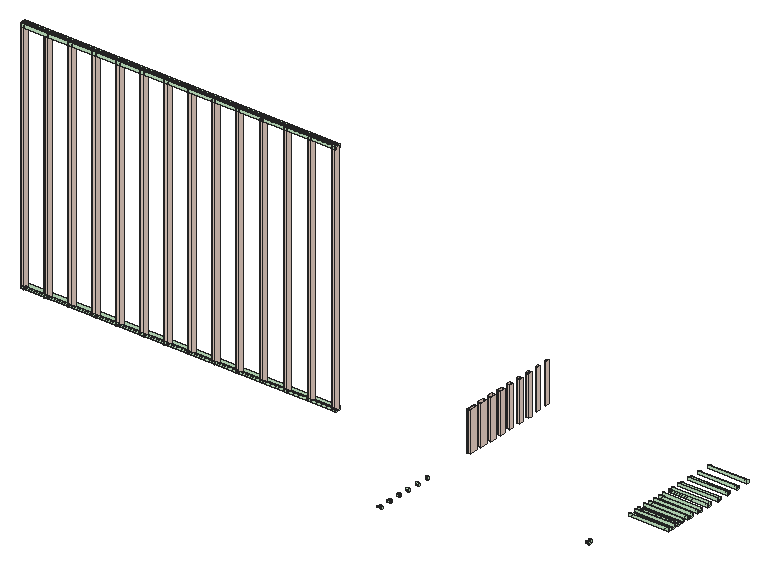
Revit family "SQ壁.", category 一般モデル, Revit 2022
Family settings
  鉄筋をホスト可能 = いいえ
  丸型コネクタ寸法 = 直径を使用
  パーツ タイプ = 標準
  作業面ベース = いいえ
  常に垂直 = はい
  ロード時にボイドで切り取り = いいえ
  注釈の向きを維持 = いいえ
  共有 = いいえ
  部屋計算ポイント = いいえ
Parameters
  製造元 = "株式会社桐井製作所"
  既定の高さ = 0 mm
  URL = "https://www.kirii.co.jp/"
  K_名称 = "SQ壁工法"
  K_バージョン情報 = "20250901"
Reference planes
  plane 1 "中心(正面/背面)": y = 0
  plane 2: z = 0
  plane 3 "中心(左/右)": x = 0
Lines and regions (mm)
  model lines
    curve 1: line (2053.885, 1766.972, 3.706) -> (3803.885, 1766.972, 3.706)
    curve 2: line (2053.885, 1766.972, 0) -> (2053.885, -17.677, 0)
    curve 3: line (3803.885, 1766.972, 0) -> (3803.885, -17.677, 0)
    curve 4: line (4103.885, 1766.972, 0) -> (4103.885, -17.677, 0)
    curve 5: line (4103.885, -17.677, 3.706) -> (5853.885, -17.677, 3.706)
    curve 6: line (5853.885, 1766.972, 0) -> (5853.885, -17.677, 0)
    curve 7: line (4103.885, 1766.972, 3.706) -> (5853.885, 1766.972, 3.706)
    curve 8: line (2053.885, -157.677, 3.706) -> (3803.885, -157.677, 3.706)
    curve 9: line (2053.885, -157.677, 0) -> (2053.885, -1437.677, 0)
    curve 10: line (2053.885, -1437.677, 3.706) -> (3803.885, -1437.677, 3.706)
    curve 11: line (3803.885, -157.677, 0) -> (3803.885, -1437.677, 0)
    curve 12: line (2053.885, -17.677, 3.706) -> (3803.885, -17.677, 3.706)
    curve 13: line (4103.885, -157.677, 3.706) -> (5853.885, -157.677, 3.706)
    curve 14: line (4103.885, -157.677, 0) -> (4103.885, -1437.677, 0)
    curve 15: line (4103.885, -1437.677, 3.706) -> (5853.885, -1437.677, 3.706)
    curve 16: line (5853.885, -157.677, 0) -> (5853.885, -1437.677, 0)
Text (mm)
  text "JIS19型" at (-1841.604, 2062.91, 5447.439), in view "ビュー 1"
  text "スタッド" at (2194.065, 1638.272, -53.41), in view "{3D}"
  text "・SQ-BAR4020(ふかし壁用)" at (2294.392, 1425.581, -53.41), in view "{3D}"
  text "・SQ-BAR4025(ふかし壁用)" at (2294.392, 1273.599, -53.41), in view "{3D}"
  text "・SQ-BAR4040" at (2294.392, 1123.599, -53.41), in view "{3D}"
  text "・SQ-BAR4045" at (2294.392, 975.581, -53.41), in view "{3D}"
  text "・SQ-BAR4050" at (2294.392, 823.599, -53.41), in view "{3D}"
  text "ランナー" at (4244.065, 1638.272, -53.41), in view "{3D}"
  text "・SQ-ランナー20" at (4344.392, 1425.581, -53.41), in view "{3D}"
  text "・SQ-ランナー25" at (4344.392, 1273.599, -53.41), in view "{3D}"
  text "・SQ-ランナー40" at (4344.392, 1123.599, -53.41), in view "{3D}"
  text "・SQ-ランナー45" at (4344.392, 975.581, -53.41), in view "{3D}"
  text "・SQ-ランナー50" at (4344.392, 823.599, -53.41), in view "{3D}"
  text "SQ壁工法" at (-2610.049, 1856.504, -53.41), in view "{3D}"
  text "・SQ-ランナー65" at (4344.392, 673.599, -53.41), in view "{3D}"
  text "・SQ-ランナー75" at (4344.392, 523.599, -53.41), in view "{3D}"
  text "・SQ-ランナー90" at (4344.392, 375.581, -53.41), in view "{3D}"
  text "・SQ-ランナー100" at (4344.392, 223.599, -53.41), in view "{3D}"
  text "SQスペーサー" at (2194.065, -286.377, -53.41), in view "{3D}"
  text "・SQスペーサーW10" at (2294.392, -499.068, -53.41), in view "{3D}"
  text "・SQスペーサーW15" at (2294.392, -651.05, -53.41), in view "{3D}"
  text "・SQスペーサーW20" at (2294.392, -801.05, -53.41), in view "{3D}"
  text "・SQスペーサーW25" at (2294.392, -949.068, -53.41), in view "{3D}"
  text "・SQスペーサーW30" at (2294.392, -1101.05, -53.41), in view "{3D}"
  text "・SQ-BAR4565" at (2294.392, 673.599, -53.41), in view "{3D}"
  text "・SQ-BAR4575" at (2294.392, 523.599, -53.41), in view "{3D}"
  text "・SQ-BAR4590" at (2294.392, 375.581, -53.41), in view "{3D}"
  text "・SQ-BAR45100" at (2294.392, 223.599, -53.41), in view "{3D}"
  text "・SQスペーサーW35" at (2294.392, -1241.05, -53.41), in view "{3D}"
  text "その他SQ関連部材" at (4244.065, -286.377, -53.41), in view "{3D}"
  text "・新SQアジャスター" at (4344.392, -499.068, -53.41), in view "{3D}"
  text "※耐火遮音間仕切り(千鳥組)に使用" at (3097.151, -1348.381, -53.41), in view "{3D}"
  text "※ふかし壁に使用" at (5473.68, -1348.381, -53.41), in view "{3D}"
Dimensions and locks
  aligned and locked: level to plane 2
Nested families
  nested 1: "runner_wr50" at (5032.945, 782.338, 0), type "runner_wr50"
    with K_長さ(mm) 500 mm, K_JIS外 no, K_JIS yes
  nested 2: "runner_wr65" at (5032.945, 632.338, 0), type "runner_wr65"
    with K_長さ(mm) 500 mm, K_JIS外 no, K_JIS yes
  nested 3: "runner_wr75" at (5032.945, 482.338, 0), type "runner_wr75"
    with K_長さ(mm) 500 mm, K_JIS外 no, K_JIS yes
  nested 4: "runner_wr90" at (5032.945, 327.688, 0), type "runner_wr90"
    with K_長さ(mm) 500 mm
  nested 5: "runner_wr100" at (5032.945, 182.688, 0), type "runner_wr100"
    with K_長さ(mm) 500 mm, K_JIS外 no, K_JIS yes
  nested 6: "sqrunner_20" at (5032.945, 1386.972, 0), type "sqrunner_20"
    with K_長さ(mm) 500 mm
  nested 7: "sq4020.0001" at (2989.01, 1379.472, 0), type "sq4020.0001"
    with K_長さ(mm) 500 mm
  nested 8: "sqrunner_25" at (5032.945, 1231.972, 0), type "sqrunner_25"
    with K_長さ(mm) 500 mm
  nested 9: "sq4025" at (2991.541, 1236.902, 0), type "sq4025"
    with K_長さ(mm) 500 mm
  nested 10: "sqrunner_40" at (5032.945, 1086.972, 0), type "sqrunner_40"
    with K_長さ(mm) 500 mm
  nested 11: "sq4040" at (2999.01, 1083.691, 0), type "sq4040"
    with K_長さ(mm) 500 mm
  nested 12: "sqrunner_45" at (5032.945, 931.972, 0), type "sqrunner_45"
    with K_長さ(mm) 500 mm
  nested 13: "sq4045" at (2999.01, 939.472, 0), type "sq4045"
    with K_長さ(mm) 500 mm
  nested 14: "sq4050" at (2999.01, 792.219, 0), type "sq4050"
    with K_長さ(mm) 500 mm
  nested 15: "sq4565" at (3001.51, 647.323, 0), type "sq4565"
    with K_長さ(mm) 500 mm
  nested 16: "sq4575" at (3001.51, 494.472, 0), type "sq4575"
    with K_長さ(mm) 500 mm
  nested 17: "sq4590" at (3001.51, 344.472, 0), type "sq4590"
    with K_長さ(mm) 500 mm
  nested 18: "sq45100" at (3001.51, 189.472, 0), type "sq45100"
    with K_長さ(mm) 500 mm
  nested 19: "runner_wr65" at (-2546.115, -0.01, 3010.8) x (1, 0, 0) z (0, 0, -1), type "runner_wr65"
    with K_長さ(mm) 4000 mm, K_JIS外 no, K_JIS yes
  nested 20: "sq4565" at (-2523.615, 0, 0), type "sq4565"
    with K_長さ(mm) 3000 mm
  nested 21: "sq4565" at (-2220.615, 0, 0), type "sq4565"
    with K_長さ(mm) 3000 mm
  nested 22: "sq4565" at (-1917.615, 0, 0), type "sq4565"
    with K_長さ(mm) 3000 mm
  nested 23: "sq4565" at (-1614.615, 0, 0), type "sq4565"
    with K_長さ(mm) 3000 mm
  nested 24: "sq4565" at (-1311.615, 0, 0), type "sq4565"
    with K_長さ(mm) 3000 mm
  nested 25: "sq4565" at (-1008.115, 0, 0), type "sq4565"
    with K_長さ(mm) 3000 mm
  nested 26: "sq4565" at (-705.115, 0, 0), type "sq4565"
    with K_長さ(mm) 3000 mm
  nested 27: "sq4565" at (-402.115, 0, 0), type "sq4565"
    with K_長さ(mm) 3000 mm
  nested 28: "sq4565" at (-99.115, 0, 0), type "sq4565"
    with K_長さ(mm) 3000 mm
  nested 29: "sq4565" at (203.885, 0, 0), type "sq4565"
    with K_長さ(mm) 3000 mm
  nested 30: "sq4565" at (506.885, 0, 0), type "sq4565"
    with K_長さ(mm) 3000 mm
  nested 31: "sq4565" at (810.385, 0, 0), type "sq4565"
    with K_長さ(mm) 3000 mm
  nested 32: "sq4565" at (1113.385, 0, 0), type "sq4565"
    with K_長さ(mm) 3000 mm
  nested 33: "sq4565" at (1416.885, 0, 0), type "sq4565"
    with K_長さ(mm) 3000 mm
  nested 34: "runner_wr65" at (-2546.115, 0, 0), type "runner_wr65"
    with K_長さ(mm) 4000 mm, K_JIS外 no, K_JIS yes
  nested 35: "sqadjuster" at (5082.685, -534.727, 0), type "sqadjuster"
  nested 36: "sqspacer_w10" at (3012.685, -534.727, 0), type "sqspacer_w10"
  nested 37: "sqspacer_w15" at (3012.685, -684.199, 0), type "sqspacer_w15"
  nested 38: "sqspacer_w20" at (3012.685, -831.877, 0), type "sqspacer_w20"
  nested 39: "sqspacer_w25" at (3012.685, -976.877, 0), type "sqspacer_w25"
  nested 40: "sqspacer_w30" at (3012.685, -1125.077, 0), type "sqspacer_w30"
  nested 41: "sqspacer_w35" at (3012.685, -1270.077, 0), type "sqspacer_w35"
Definition of nested family "runner_wr50"
  Parameters (values of type "runner_wr50")
    Manufacturer = "株式会社桐井製作所"
    Default Elevation = 0 mm
    URL = "https://www.kirii.co.jp/"
    K_長さ(mm) [instance] = 4000 mm
    K_材質 = "SGCCまたはSGHC　一般用"
    K_断面積A(mm2) = 103.5
    K_断面係数Zy(mm3) = 1921
    K_断面係数Zx(mm3) = 651.9
    K_断面2次半径iy(mm) = 22
    K_断面2次半径ix(mm) = 13.2
    K_断面2次モーメントIy(mm4) = 49970
    K_断面2次モーメントIx(mm4) = 17920
    K_外形寸法(mm) = "52×40×0.8"
    K_品名 = "WR-50"
    K_名称 = "ランナー"
    K_単位質量(kg/m) = 0.836
    K_ヤング係数E(N/mm2) = 205000
    K_バージョン情報 = "20210524"
    K_めっき付着量 = "Z12"
    K_JIS規格 = "JIS G 3302"
    K_JIS外 [instance] = not(K_JIS)  # no
    K_JIS [instance] = yes
  Reference planes
    plane 1 "中心(正面/背面)": y = 0
    plane 2: z = 0
    plane 3 "中心(左/右)": x = 0
    plane 4: x = 4000
    plane 5: y = -26
    plane 6: y = 26
    plane 7: z = 40
    plane 8: y = 26
    plane 9: y = -26
  Forms (mm)
    Extrusion 1, solid
      sketch origin (0, 0, 0) x (0, 1, 0) y (0, 0, 1)
        loop
          line (-26, 0) -> (-16.01, 0) -> (-15.21, 0.8) -> (-6.81, 0.8) -> (-6.01, 0) -> (5.962, 0) -> (6.781, 0.819) -> (15.181, 0.819) -> (16, 0) -> (26, 0) -> (26, 40) -> (25.2, 40) -> (25.2, 0.8) -> (16.331, 0.8) -> (15.512, 1.619) -> (6.449, 1.619) -> (5.63, 0.8) -> (-5.679, 0.8) -> (-6.479, 1.6) -> (-15.541, 1.6) -> (-16.341, 0.8) -> (-25.2, 0.8) -> (-25.2, 40) -> (-26, 40) -> (-26, 0)
      from 0 to 4000
  Dimensions and locks
    "K_長さ(mm)": plane 3 "中心(左/右)" to plane 4
    aligned and locked: level to plane 2
    aligned and locked: plane 4 to Extrusion 1
    aligned and locked: Extrusion 1 sketch curve to plane 6
    aligned and locked: plane 5 to Extrusion 1 sketch curve
    aligned and locked: Extrusion 1 to plane 4
  Automatic sketch dimensions
    Extrusion 1 sketch curve to plane 7 = 0 mm  (x2)
    Extrusion 1 sketch curve to level = 0 mm  (x3)
    level to Extrusion 1 sketch curve = 0.8 mm  (x4)
    Extrusion 1 sketch curve to Extrusion 1 sketch curve = 0.331 mm  (x8)
    level to Extrusion 1 sketch curve = 1.6 mm
    Extrusion 1 sketch curve to Extrusion 1 sketch curve = 0.8 mm  (x2)
    plane 1 "中心(正面/背面)" to Extrusion 1 sketch curve = 6.81 mm
    Extrusion 1 sketch curve to plane 1 "中心(正面/背面)" = 5.63 mm
    Extrusion 1 sketch curve to Extrusion 1 sketch curve = 0.819 mm  (x2)
    level to Extrusion 1 sketch curve = 0.819 mm
    Extrusion 1 sketch curve to Extrusion 1 sketch curve = 8.4 mm
    level to Extrusion 1 sketch curve = 1.619 mm
    plane 6 to Extrusion 1 sketch curve = 0.8 mm
    Extrusion 1 sketch curve to plane 5 = 0.8 mm
    Extrusion 1 sketch curve to Extrusion 1 sketch curve = 8.859 mm
Definition of nested family "runner_wr65"
  Parameters (values of type "runner_wr65")
    Manufacturer = "株式会社桐井製作所"
    Default Elevation = 0 mm
    URL = "https://www.kirii.co.jp/"
    K_長さ(mm) [instance] = 4000 mm
    K_材質 = "SGCCまたはSGHC　一般用"
    K_断面積A(mm2) = 115.5
    K_断面係数Zy(mm3) = 2624
    K_断面係数Zx(mm3) = 678.4
    K_断面2次半径iy(mm) = 27.6
    K_断面2次半径ix(mm) = 13
    K_断面2次モーメントIy(mm4) = 87930
    K_断面2次モーメントIx(mm4) = 19500
    K_外形寸法(mm) = "67×40×0.8"
    K_品名 = "WR-65"
    K_名称 = "ランナー"
    K_単位質量(kg/m) = 0.933
    K_ヤング係数E(N/mm2) = 205000
    K_バージョン情報 = "20210524"
    K_めっき付着量 = "Z12"
    K_JIS規格 = "JIS G 3302"
    K_JIS外 [instance] = not(K_JIS)  # no
    K_JIS [instance] = yes
  Reference planes
    plane 1 "中心(正面/背面)": y = 0
    plane 2: z = 0
    plane 3 "中心(左/右)": x = 0
    plane 4: x = 4000
    plane 5: y = -33.5
    plane 6: y = 33.5
    plane 7: y = 33.5
    plane 8: y = -33.5
    plane 9: z = 40
  Forms (mm)
    Extrusion 1, solid
      sketch origin (0, 0, 0) x (0, 1, 0) y (0, 0, 1)
        loop
          line (13.491, 0) -> (14.31, 0.819) -> (22.71, 0.819) -> (23.529, 0) -> (33.5, 0) -> (33.5, 40) -> (32.7, 40) -> (32.7, 0.8) -> (23.86, 0.8) -> (23.041, 1.619) -> (13.979, 1.619) -> (13.159, 0.8) -> (-13.179, 0.8) -> (-13.979, 1.6) -> (-23.041, 1.6) -> (-23.841, 0.8) -> (-32.7, 0.8) -> (-32.7, 40) -> (-33.5, 40) -> (-33.5, 0) -> (-23.51, 0) -> (-22.71, 0.8) -> (-14.31, 0.8) -> (-13.51, 0) -> (13.491, 0)
      from 0 to 4000
  Dimensions and locks
    "K_長さ(mm)": plane 3 "中心(左/右)" to plane 4
    aligned and locked: level to plane 2
    aligned and locked: plane 4 to Extrusion 1
    aligned and locked: Extrusion 1 sketch curve to plane 6
    aligned and locked: plane 5 to Extrusion 1 sketch curve
    aligned and locked: Extrusion 1 to plane 4
  Automatic sketch dimensions
    Extrusion 1 sketch curve to level = 0 mm  (x3)
    Extrusion 1 sketch curve to Extrusion 1 sketch curve = 0.8 mm  (x5)
    level to Extrusion 1 sketch curve = 0.8 mm  (x4)
    Extrusion 1 sketch curve to Extrusion 1 sketch curve = 8.859 mm
    Extrusion 1 sketch curve to Extrusion 1 sketch curve = 0.331 mm  (x8)
    Extrusion 1 sketch curve to Extrusion 1 sketch curve = 8.4 mm  (x2)
    level to Extrusion 1 sketch curve = 1.6 mm
    Extrusion 1 sketch curve to plane 1 "中心(正面/背面)" = 13.159 mm
    Extrusion 1 sketch curve to Extrusion 1 sketch curve = 0.819 mm  (x2)
    level to Extrusion 1 sketch curve = 0.819 mm
    Extrusion 1 sketch curve to Extrusion 1 sketch curve = 39.2 mm  (x2)
Definition of nested family "runner_wr75"
  Parameters (values of type "runner_wr75")
    Manufacturer = "株式会社桐井製作所"
    Default Elevation = 0 mm
    URL = "https://www.kirii.co.jp/"
    K_長さ(mm) [instance] = 4000 mm
    K_材質 = "SGCCまたはSGHC　一般用"
    K_断面積A(mm2) = 123.5
    K_断面係数Zy(mm3) = 3124
    K_断面係数Zx(mm3) = 692
    K_断面2次半径iy(mm) = 31.2
    K_断面2次半径ix(mm) = 12.8
    K_断面2次モーメントIy(mm4) = 120300
    K_断面2次モーメントIx(mm4) = 20380
    K_外形寸法(mm) = "77×40×0.8"
    K_品名 = "WR-75"
    K_名称 = "ランナー"
    K_単位質量(kg/m) = 0.998
    K_ヤング係数E(N/mm2) = 205000
    K_バージョン情報 = "20210524"
    K_めっき付着量 = "Z12"
    K_JIS規格 = "JIS G 3302"
    K_JIS外 [instance] = not(K_JIS)  # no
    K_JIS [instance] = yes
  Reference planes
    plane 1 "中心(正面/背面)": y = 0
    plane 2: z = 0
    plane 3 "中心(左/右)": x = 0
    plane 4: x = 4000
    plane 5: y = 38.5
    plane 6: y = -38.5
    plane 7: z = 39.981
  Forms (mm)
    Extrusion 1, solid
      sketch origin (0, 0, 0) x (0, 1, 0) y (0, 0, 1)
        loop
          line (18.481, 0) -> (19.281, 0.8) -> (27.681, 0.8) -> (28.5, -0.019) -> (38.5, -0.019) -> (38.5, 39.981) -> (37.7, 39.981) -> (37.7, 0.8) -> (28.812, 0.8) -> (28.012, 1.6) -> (18.949, 1.6) -> (18.149, 0.8) -> (-18.169, 0.8) -> (-18.969, 1.6) -> (-28.031, 1.6) -> (-28.831, 0.8) -> (-37.7, 0.8) -> (-37.7, 39.962) -> (-38.5, 39.962) -> (-38.5, 0) -> (-28.5, 0) -> (-27.7, 0.8) -> (-19.3, 0.8) -> (-18.5, 0) -> (18.481, 0)
      from 0 to 4000
  Dimensions and locks
    "K_長さ(mm)": plane 3 "中心(左/右)" to plane 4
    aligned and locked: level to plane 2
    aligned and locked: plane 4 to Extrusion 1
    aligned and locked: plane 5 to Extrusion 1
    aligned and locked: Extrusion 1 to plane 6
  Automatic sketch dimensions
    Extrusion 1 sketch curve to plane 6 = 0 mm
    Extrusion 1 sketch curve to level = 0 mm  (x2)
    Extrusion 1 sketch curve to plane 5 = 0 mm
    plane 6 to Extrusion 1 sketch curve = 0.8 mm
    level to Extrusion 1 sketch curve = 0.8 mm  (x5)
    Extrusion 1 sketch curve to Extrusion 1 sketch curve = 8.869 mm
    Extrusion 1 sketch curve to Extrusion 1 sketch curve = 0.331 mm  (x7)
    Extrusion 1 sketch curve to Extrusion 1 sketch curve = 0.8 mm  (x5)
    Extrusion 1 sketch curve to Extrusion 1 sketch curve = 8.4 mm  (x2)
    Extrusion 1 sketch curve to plane 1 "中心(正面/背面)" = 18.149 mm
    level to Extrusion 1 sketch curve = 1.6 mm
    Extrusion 1 sketch curve to level = 0.019 mm
    Extrusion 1 sketch curve to Extrusion 1 sketch curve = 0.819 mm
    Extrusion 1 sketch curve to Extrusion 1 sketch curve = 39.162 mm
    Extrusion 1 sketch curve to Extrusion 1 sketch curve = 39.181 mm
    Extrusion 1 sketch curve to Extrusion 1 sketch curve = 0.312 mm
Definition of nested family "runner_wr90"
  Parameters (values of type "runner_wr90")
    Manufacturer = "株式会社桐井製作所"
    Default Elevation = 0 mm
    URL = "https://www.kirii.co.jp/"
    K_長さ(mm) [instance] = 4000 mm
    K_材質 = "SGCCまたはSGHC　一般用"
    K_断面積A(mm2) = 135.5
    K_断面係数Zy(mm3) = 3928
    K_断面係数Zx(mm3) = 708.8
    K_断面2次半径iy(mm) = 36.5
    K_断面2次半径ix(mm) = 12.6
    K_断面2次モーメントIy(mm4) = 180700
    K_断面2次モーメントIx(mm4) = 21510
    K_外形寸法(mm) = "92×40×0.8"
    K_品名 = "WR-90"
    K_名称 = "ランナー"
    K_単位質量(kg/m) = 1.095
    K_ヤング係数E(N/mm2) = 205000
    K_バージョン情報 = "20210524"
    K_めっき付着量 = "Z12"
    K_JIS規格 = "JIS G 3302"
    K_JIS外 = not(K_JIS)  # no
    K_JIS = yes
  Reference planes
    plane 1 "中心(正面/背面)": y = 0
    plane 2: z = 0
    plane 3 "中心(左/右)": x = 0
    plane 4: x = 4000
    plane 5: y = 48.5
    plane 6: y = -48.5
  Forms (mm)
    Extrusion 1, solid
      sketch origin (0, 0, 0) x (0, 1, 0) y (0, 0, 1)
        loop
          line (28.5, 0) -> (29.3, 0.8) -> (37.7, 0.8) -> (38.5, 0) -> (48.5, 0) -> (48.5, 39.981) -> (47.7, 39.981) -> (47.7, 0.8) -> (38.831, 0.8) -> (38.031, 1.6) -> (28.969, 1.6) -> (28.169, 0.8) -> (-28.169, 0.8) -> (-28.969, 1.6) -> (-38.031, 1.6) -> (-38.831, 0.8) -> (-47.7, 0.8) -> (-47.7, 39.962) -> (-48.5, 39.962) -> (-48.5, 0) -> (-38.5, 0) -> (-37.7, 0.8) -> (-29.3, 0.8) -> (-28.5, 0) -> (28.5, 0)
      from 0 to 4000
  Dimensions and locks
    "K_長さ(mm)": plane 3 "中心(左/右)" to plane 4
    equal spacing: plane 6, plane 1 "中心(正面/背面)", plane 5
    plane 6 to plane 5 = 97 mm
    locked: Extrusion 1 to Extrusion 1 at 0.8  (x2)
    aligned and locked: level to plane 2
    aligned and locked: plane 4 to Extrusion 1
    aligned and locked: plane 5 to Extrusion 1
    aligned and locked: Extrusion 1 to plane 6
  Automatic sketch dimensions
    Extrusion 1 sketch curve to plane 6 = 0 mm
    Extrusion 1 sketch curve to level = 0 mm  (x3)
    Extrusion 1 sketch curve to plane 5 = 0 mm
    plane 6 to Extrusion 1 sketch curve = 0.8 mm
    level to Extrusion 1 sketch curve = 0.8 mm  (x5)
    Extrusion 1 sketch curve to Extrusion 1 sketch curve = 8.869 mm
    Extrusion 1 sketch curve to Extrusion 1 sketch curve = 0.331 mm  (x8)
    level to Extrusion 1 sketch curve = 1.6 mm  (x2)
    Extrusion 1 sketch curve to Extrusion 1 sketch curve = 0.8 mm  (x4)
    Extrusion 1 sketch curve to Extrusion 1 sketch curve = 8.4 mm  (x2)
    Extrusion 1 sketch curve to plane 5 = 20.331 mm
    Extrusion 1 sketch curve to plane 5 = 0.8 mm
    Extrusion 1 sketch curve to Extrusion 1 sketch curve = 39.162 mm
    Extrusion 1 sketch curve to Extrusion 1 sketch curve = 39.181 mm
Definition of nested family "runner_wr100"
  Parameters (values of type "runner_wr100")
    Manufacturer = "株式会社桐井製作所"
    Default Elevation = 0 mm
    URL = "https://www.kirii.co.jp/"
    K_長さ(mm) [instance] = 4000 mm
    K_材質 = "SGCCまたはSGHC　一般用"
    K_断面積A(mm2) = 143.5
    K_断面係数Zy(mm3) = 4496
    K_断面係数Zx(mm3) = 718
    K_断面2次半径iy(mm) = 40
    K_断面2次半径ix(mm) = 12.4
    K_断面2次モーメントIy(mm4) = 229300
    K_断面2次モーメントIx(mm4) = 22160
    K_外形寸法(mm) = "102×40×0.8"
    K_品名 = "WR-100"
    K_名称 = "ランナー"
    K_単位質量(kg/m) = 1.159
    K_ヤング係数E(N/mm2) = 205000
    K_バージョン情報 = "20210524"
    K_めっき付着量 = "Z12"
    K_JIS規格 = "JIS G 3302"
    K_JIS外 [instance] = not(K_JIS)  # no
    K_JIS [instance] = yes
  Reference planes
    plane 1 "中心(正面/背面)": y = 0
    plane 2: z = 0
    plane 3 "中心(左/右)": x = 0
    plane 4: x = 4000
    plane 5: y = -51
    plane 6: y = 51
    plane 7: z = 40
  Forms (mm)
    Extrusion 1, solid
      sketch origin (0, 0, 0) x (0, 1, 0) y (0, 0, 1)
        loop
          line (30.991, 0) -> (31.81, 0.819) -> (40.21, 0.819) -> (41.029, 0) -> (51, 0) -> (51, 40) -> (50.2, 40) -> (50.2, 0.8) -> (41.36, 0.8) -> (40.541, 1.619) -> (31.479, 1.619) -> (30.659, 0.8) -> (-30.679, 0.8) -> (-31.479, 1.6) -> (-40.541, 1.6) -> (-41.341, 0.8) -> (-50.2, 0.8) -> (-50.2, 40) -> (-51, 40) -> (-51, 0) -> (-41.01, 0) -> (-40.21, 0.8) -> (-31.81, 0.8) -> (-31.01, 0) -> (30.991, 0)
      from 0 to 4000
  Dimensions and locks
    "K_長さ(mm)": plane 3 "中心(左/右)" to plane 4
    aligned and locked: level to plane 2
    aligned and locked: plane 4 to Extrusion 1
  Automatic sketch dimensions
    Extrusion 1 sketch curve to level = 0 mm  (x3)
    Extrusion 1 sketch curve to Extrusion 1 sketch curve = 0.8 mm  (x5)
    level to Extrusion 1 sketch curve = 0.8 mm  (x4)
    Extrusion 1 sketch curve to Extrusion 1 sketch curve = 8.859 mm
    Extrusion 1 sketch curve to Extrusion 1 sketch curve = 0.331 mm  (x8)
    Extrusion 1 sketch curve to Extrusion 1 sketch curve = 8.4 mm  (x2)
    level to Extrusion 1 sketch curve = 1.6 mm
    Extrusion 1 sketch curve to plane 1 "中心(正面/背面)" = 30.659 mm
    Extrusion 1 sketch curve to Extrusion 1 sketch curve = 0.819 mm  (x2)
    level to Extrusion 1 sketch curve = 0.819 mm
    Extrusion 1 sketch curve to Extrusion 1 sketch curve = 39.2 mm  (x2)
    Extrusion 1 sketch curve to plane 5 = 0 mm
    plane 6 to Extrusion 1 sketch curve = 0.8 mm
Definition of nested family "sqrunner_20"
  Parameters (values of type "sqrunner_20")
    Manufacturer = "株式会社桐井製作所"
    Default Elevation = 0 mm
    URL = "https://www.kirii.co.jp/"
    K_長さ(mm) [instance] = 4000 mm
    K_材質 = "SGCC　一般用"
    K_外形寸法(mm) = "22×40×30"
    K_品名 = "SQ-ランナー20"
    K_名称 = "角型スタッド用ランナー"
    K_バージョン情報 = "20210524"
    K_めっき付着量 = "Z08"
    K_JIS規格 = "JIS G 3302"
  Reference planes
    plane 1 "中心(正面/背面)": y = 0
    plane 2: z = 0
    plane 3 "中心(左/右)": x = 0
    plane 4: x = 4000
    plane 5: y = 11
    plane 6: y = -11
  Forms (mm)
    Extrusion 1, solid
      sketch origin (0, 0, 0) x (0, 1, 0) y (0, 0, 1)
        loop
          line (-11, 0) -> (11, 0) -> (11, 30) -> (10.2, 30) -> (10.2, 0.8) -> (-10.2, 0.8) -> (-10.2, 40) -> (-11, 40) -> (-11, 0)
      from 0 to 4000
  Dimensions and locks
    "K_長さ(mm)": plane 3 "中心(左/右)" to plane 4
    aligned and locked: level to plane 2
    aligned and locked: plane 4 to Extrusion 1
    aligned and locked: Extrusion 1 to plane 4
  Automatic sketch dimensions
    Extrusion 1 sketch curve to level = 0 mm
    Extrusion 1 sketch curve to plane 6 = 0 mm
    Extrusion 1 sketch curve to Extrusion 1 sketch curve = 0.8 mm  (x2)
    level to Extrusion 1 sketch curve = 0.8 mm
    Extrusion 1 sketch curve to Extrusion 1 sketch curve = 39.2 mm
    Extrusion 1 sketch curve to Extrusion 1 sketch curve = 29.2 mm
    Extrusion 1 sketch curve to plane 5 = 0 mm
Definition of nested family "sq4020.0001"
  Parameters (values of type "sq4020.0001")
    Manufacturer = "株式会社桐井製作所"
    Default Elevation = 0 mm
    URL = "https://www.kirii.co.jp/"
    K_長さ(mm) [instance] = 3000 mm
    K_材質 = "SGCC　一般用"
    K_断面積A(mm2) = 57
    K_断面係数Zy(mm3) = 575.7
    K_断面係数Zx(mm3) = 374.1
    K_断面2次半径iy(mm) = 14.9
    K_断面2次半径ix(mm) = 8.1
    K_断面2次モーメントIy(mm4) = 12630
    K_断面2次モーメントIx(mm4) = 3741
    K_外形寸法(mm) = "□40×20"
    K_品名 = "SQ-BAR4020"
    K_名称 = "角型スタッド"
    K_単位質量(kg/m) = 0.464
    K_ヤング係数E(N/mm2) = 205000
    K_バージョン情報 = "20210524"
    K_めっき付着量 = "Z08"
    K_JIS規格 = "JIS G 3302"
  Reference planes
    plane 1 "中心(正面/背面)": y = 0
    plane 2: z = 0
    plane 3 "中心(左/右)": x = 0
    plane 4: x = 10
    plane 5: x = -10
    plane 6: y = 20
    plane 7: z = 3000
    plane 8: y = -20
  Forms (mm)
    Extrusion 1, solid
      sketch origin (0.5, -20, 0) x (1, 0, 0) y (0, 1, 0)
        loop
          line (-10.5, 40) -> (-10.5, 0) -> (9.5, 0) -> (9.5, 40) -> (-10.5, 40)
        loop
          line (-10, 39.5) -> (-10, 0.5) -> (9, 0.5) -> (9, 39.5) -> (-10, 39.5)
      from 0 to 3000
  Dimensions and locks
    locked: Extrusion 1 sketch curve to Extrusion 1 sketch curve at 0.5  (x4)
    "K_長さ(mm)": plane 7 to level
    aligned and locked: level to plane 2
    aligned and locked: Extrusion 1 sketch curve to plane 6
    aligned and locked: plane 7 to Extrusion 1
    aligned and locked: plane 4 to Extrusion 1
    aligned and locked: Extrusion 1 to plane 5
  Automatic sketch dimensions
    Extrusion 1 sketch curve to plane 4 = 0.5 mm
    plane 5 to Extrusion 1 sketch curve = 0.5 mm
    plane 1 "中心(正面/背面)" to Extrusion 1 sketch curve = 19.5 mm
Definition of nested family "sqrunner_25"
  Parameters (values of type "sqrunner_25")
    Manufacturer = "株式会社桐井製作所"
    Default Elevation = 0 mm
    URL = "https://www.kirii.co.jp/"
    K_長さ(mm) [instance] = 4000 mm
    K_材質 = "SGCC　一般用"
    K_外形寸法(mm) = "27×40×30"
    K_品名 = "SQ-ランナー25"
    K_名称 = "角型スタッド用ランナー"
    K_バージョン情報 = "20210524"
    K_めっき付着量 = "Z08"
    K_JIS規格 = "JIS G 3302"
  Reference planes
    plane 1 "中心(正面/背面)": y = 0
    plane 2: z = 0
    plane 3 "中心(左/右)": x = 0
    plane 4: x = 4000
    plane 5: y = 13.5
    plane 6: y = -13.5
  Forms (mm)
    Extrusion 1, solid
      sketch origin (0, 0, 0) x (0, 1, 0) y (0, 0, 1)
        loop
          line (-13.5, 0) -> (13.5, 0) -> (13.5, 30) -> (12.7, 30) -> (12.7, 0.8) -> (-12.7, 0.8) -> (-12.7, 40) -> (-13.5, 40) -> (-13.5, 0)
      from 0 to 4000
  Dimensions and locks
    "K_長さ(mm)": plane 3 "中心(左/右)" to plane 4
    aligned and locked: level to plane 2
    aligned and locked: plane 4 to Extrusion 1
    aligned and locked: Extrusion 1 to plane 4
  Automatic sketch dimensions
    Extrusion 1 sketch curve to level = 0 mm
    Extrusion 1 sketch curve to plane 6 = 0 mm
    Extrusion 1 sketch curve to Extrusion 1 sketch curve = 0.8 mm  (x2)
    level to Extrusion 1 sketch curve = 0.8 mm
    Extrusion 1 sketch curve to Extrusion 1 sketch curve = 39.2 mm
    Extrusion 1 sketch curve to Extrusion 1 sketch curve = 29.2 mm
    Extrusion 1 sketch curve to plane 5 = 0 mm
Definition of nested family "sq4025"
  Parameters (values of type "sq4025")
    Manufacturer = "株式会社桐井製作所"
    Default Elevation = 0 mm
    URL = "https://www.kirii.co.jp/"
    K_長さ(mm) [instance] = 3000 mm
    K_材質 = "SGCC　一般用"
    K_断面積A(mm2) = 61.3
    K_断面係数Zy(mm3) = 657.2
    K_断面係数Zx(mm3) = 488.3
    K_断面2次半径iy(mm) = 15.3
    K_断面2次半径ix(mm) = 10
    K_断面2次モーメントIy(mm4) = 14330
    K_断面2次モーメントIx(mm4) = 6104
    K_外形寸法(mm) = "□40×25"
    K_品名 = "SQ-BAR4025"
    K_名称 = "角型スタッド"
    K_単位質量(kg/m) = 0.498
    K_ヤング係数E(N/mm2) = 205000
    K_バージョン情報 = "20210524"
    K_めっき付着量 = "Z08"
    K_JIS規格 = "JIS G 3302"
  Reference planes
    plane 1 "中心(正面/背面)": y = 0
    plane 2: z = 0
    plane 3 "中心(左/右)": x = 0
    plane 4: x = 12.5
    plane 5: x = -12.5
    plane 6: y = 20
    plane 7: z = 3000
    plane 8: y = -20
  Forms (mm)
    Extrusion 1, solid
      sketch origin (0.5, -20, 0) x (1, 0, 0) y (0, 1, 0)
        loop
          line (-13, 40) -> (-13, 0) -> (12, 0) -> (12, 40) -> (-13, 40)
        loop
          line (-12.5, 39.5) -> (-12.5, 0.5) -> (11.5, 0.5) -> (11.5, 39.5) -> (-12.5, 39.5)
      from 0 to 3000
  Dimensions and locks
    locked: Extrusion 1 sketch curve to Extrusion 1 sketch curve at 0.5  (x4)
    "K_長さ(mm)": plane 7 to level
    aligned and locked: level to plane 2
    aligned and locked: Extrusion 1 sketch curve to plane 6
    aligned and locked: plane 7 to Extrusion 1
    aligned and locked: plane 6 to Extrusion 1
    aligned and locked: Extrusion 1 to plane 8
    aligned and locked: Extrusion 1 to plane 5
    aligned and locked: plane 4 to Extrusion 1
  Automatic sketch dimensions
    Extrusion 1 sketch curve to plane 4 = 0.5 mm
    plane 5 to Extrusion 1 sketch curve = 0.5 mm
    plane 1 "中心(正面/背面)" to Extrusion 1 sketch curve = 19.5 mm
Definition of nested family "sqrunner_40"
  Parameters (values of type "sqrunner_40")
    Manufacturer = "株式会社桐井製作所"
    Default Elevation = 0 mm
    URL = "https://www.kirii.co.jp/"
    K_長さ(mm) [instance] = 4000 mm
    K_材質 = "SGCC　一般用"
    K_外形寸法(mm) = "42×40×30"
    K_品名 = "SQ-ランナー40"
    K_名称 = "角型スタッド用ランナー"
    K_バージョン情報 = "20210524"
    K_めっき付着量 = "Z08"
    K_JIS規格 = "JIS G 3302"
  Reference planes
    plane 1 "中心(正面/背面)": y = 0
    plane 2: z = 0
    plane 3 "中心(左/右)": x = 0
    plane 4: x = 4000
    plane 5: y = 21
    plane 6: y = -21
  Forms (mm)
    Extrusion 1, solid
      sketch origin (0, 0, 0) x (0, 1, 0) y (0, 0, 1)
        loop
          line (-21, 0) -> (21, 0) -> (21, 30) -> (20.2, 30) -> (20.2, 0.8) -> (-20.2, 0.8) -> (-20.2, 40) -> (-21, 40) -> (-21, 0)
      from 0 to 4000
  Dimensions and locks
    "K_長さ(mm)": plane 3 "中心(左/右)" to plane 4
    aligned and locked: level to plane 2
    aligned and locked: plane 4 to Extrusion 1
    aligned and locked: Extrusion 1 to plane 4
  Automatic sketch dimensions
    Extrusion 1 sketch curve to level = 0 mm
    Extrusion 1 sketch curve to plane 6 = 0 mm
    Extrusion 1 sketch curve to Extrusion 1 sketch curve = 0.8 mm  (x2)
    level to Extrusion 1 sketch curve = 0.8 mm
    Extrusion 1 sketch curve to Extrusion 1 sketch curve = 39.2 mm
    Extrusion 1 sketch curve to Extrusion 1 sketch curve = 29.2 mm
    Extrusion 1 sketch curve to plane 5 = 0 mm
Definition of nested family "sq4040"
  Parameters (values of type "sq4040")
    Manufacturer = "株式会社桐井製作所"
    Default Elevation = 0 mm
    URL = "https://www.kirii.co.jp/"
    K_長さ(mm) [instance] = 3000 mm
    K_材質 = "SGCC　一般用"
    K_断面積A(mm2) = 76.8
    K_断面係数Zy(mm3) = 944.7
    K_断面係数Zx(mm3) = 889
    K_断面2次半径iy(mm) = 16.3
    K_断面2次半径ix(mm) = 15.2
    K_断面2次モーメントIy(mm4) = 20440
    K_断面2次モーメントIx(mm4) = 17780
    K_外形寸法(mm) = "□40×40"
    K_品名 = "SQ-BAR4040"
    K_名称 = "角型スタッド"
    K_単位質量(kg/m) = 0.624
    K_ヤング係数E(N/mm2) = 205000
    K_バージョン情報 = "20210524"
    K_めっき付着量 = "Z08"
    K_JIS規格 = "JIS G 3302"
  Reference planes
    plane 1 "中心(正面/背面)": y = 0
    plane 2: z = 0
    plane 3 "中心(左/右)": x = 0
    plane 4: x = 20
    plane 5: x = -20
    plane 6: y = 20
    plane 7: z = 3000
    plane 8: y = -20
  Forms (mm)
    Extrusion 1, solid
      sketch origin (0.5, -20, 0) x (1, 0, 0) y (0, 1, 0)
        loop
          line (-20.5, 40) -> (-20.5, 0) -> (19.5, 0) -> (19.5, 40) -> (-20.5, 40)
        loop
          line (-20, 39.5) -> (-20, 0.5) -> (19, 0.5) -> (19, 39.5) -> (-20, 39.5)
      from 0 to 3000
  Dimensions and locks
    locked: Extrusion 1 sketch curve to Extrusion 1 sketch curve at 0.5  (x4)
    "K_長さ(mm)": plane 7 to level
    aligned and locked: level to plane 2
    aligned and locked: Extrusion 1 sketch curve to plane 6
    aligned and locked: plane 7 to Extrusion 1
    aligned and locked: plane 6 to Extrusion 1
    aligned and locked: Extrusion 1 to plane 8
    aligned and locked: Extrusion 1 to plane 5
    aligned and locked: plane 4 to Extrusion 1
  Automatic sketch dimensions
    Extrusion 1 sketch curve to plane 4 = 0.5 mm
    plane 5 to Extrusion 1 sketch curve = 0.5 mm
    plane 1 "中心(正面/背面)" to Extrusion 1 sketch curve = 19.5 mm
Definition of nested family "sqrunner_45"
  Parameters (values of type "sqrunner_45")
    Manufacturer = "株式会社桐井製作所"
    Default Elevation = 0 mm
    URL = "https://www.kirii.co.jp/"
    K_長さ(mm) [instance] = 4000 mm
    K_材質 = "SGCC　一般用"
    K_外形寸法(mm) = "47×40×30"
    K_品名 = "SQ-ランナー45"
    K_名称 = "角型スタッド用ランナー"
    K_バージョン情報 = "20210524"
    K_めっき付着量 = "Z08"
    K_JIS規格 = "JIS G 3302"
  Reference planes
    plane 1 "中心(正面/背面)": y = 0
    plane 2: z = 0
    plane 3 "中心(左/右)": x = 0
    plane 4: x = 4000
    plane 5: y = 23.5
    plane 6: y = -23.5
  Forms (mm)
    Extrusion 1, solid
      sketch origin (0, 0, 0) x (0, 1, 0) y (0, 0, 1)
        loop
          line (-23.5, 0) -> (23.5, 0) -> (23.5, 30) -> (22.7, 30) -> (22.7, 0.8) -> (-22.7, 0.8) -> (-22.7, 40) -> (-23.5, 40) -> (-23.5, 0)
      from 0 to 4000
  Dimensions and locks
    "K_長さ(mm)": plane 3 "中心(左/右)" to plane 4
    aligned and locked: level to plane 2
    aligned and locked: plane 4 to Extrusion 1
    aligned and locked: Extrusion 1 to plane 4
  Automatic sketch dimensions
    Extrusion 1 sketch curve to level = 0 mm
    Extrusion 1 sketch curve to plane 6 = 0 mm
    Extrusion 1 sketch curve to Extrusion 1 sketch curve = 0.8 mm  (x2)
    level to Extrusion 1 sketch curve = 0.8 mm
    Extrusion 1 sketch curve to Extrusion 1 sketch curve = 39.2 mm
    Extrusion 1 sketch curve to Extrusion 1 sketch curve = 29.2 mm
    Extrusion 1 sketch curve to plane 5 = 0 mm
Definition of nested family "sq4045"
  Parameters (values of type "sq4045")
    Manufacturer = "株式会社桐井製作所"
    Default Elevation = 0 mm
    URL = "https://www.kirii.co.jp/"
    K_長さ(mm) [instance] = 3000 mm
    K_材質 = "SGCC　一般用"
    K_断面積A(mm2) = 81.1
    K_断面係数Zy(mm3) = 1027
    K_断面係数Zx(mm3) = 1037
    K_断面2次半径iy(mm) = 16.5
    K_断面2次半径ix(mm) = 17
    K_断面2次モーメントIy(mm4) = 22130
    K_断面2次モーメントIx(mm4) = 23340
    K_外形寸法(mm) = "□40×45"
    K_品名 = "SQ-BAR4045"
    K_名称 = "角型スタッド"
    K_単位質量(kg/m) = 0.659
    K_ヤング係数E(N/mm2) = 205000
    K_バージョン情報 = "20210524"
    K_めっき付着量 = "Z08"
    K_JIS規格 = "JIS G 3302"
  Reference planes
    plane 1 "中心(正面/背面)": y = 0
    plane 2: z = 0
    plane 3 "中心(左/右)": x = 0
    plane 4: x = 20
    plane 5: x = -20
    plane 6: y = 22.5
    plane 7: z = 3000
    plane 8: y = -22.5
  Forms (mm)
    Extrusion 1, solid
      sketch origin (0.5, -20, 0) x (1, 0, 0) y (0, 1, 0)
        loop
          line (-20.5, 42.5) -> (-20.5, -2.5) -> (19.5, -2.5) -> (19.5, 42.5) -> (-20.5, 42.5)
        loop
          line (-20, 42) -> (-20, -2) -> (19, -2) -> (19, 42) -> (-20, 42)
      from 0 to 3000
  Dimensions and locks
    locked: Extrusion 1 sketch curve to Extrusion 1 sketch curve at 0.5  (x4)
    "K_長さ(mm)": plane 7 to level
    aligned and locked: level to plane 2
    aligned and locked: Extrusion 1 sketch curve to plane 6
    aligned and locked: plane 7 to Extrusion 1
    aligned and locked: plane 6 to Extrusion 1
    aligned and locked: Extrusion 1 to plane 8
    aligned and locked: plane 4 to Extrusion 1
    aligned and locked: Extrusion 1 to plane 5
  Automatic sketch dimensions
    Extrusion 1 sketch curve to plane 4 = 0.5 mm
    plane 5 to Extrusion 1 sketch curve = 0.5 mm
    plane 1 "中心(正面/背面)" to Extrusion 1 sketch curve = 22 mm
Definition of nested family "sq4050"
  Parameters (values of type "sq4050")
    Manufacturer = "株式会社桐井製作所"
    Default Elevation = 0 mm
    URL = "https://www.kirii.co.jp/"
    K_長さ(mm) [instance] = 3000 mm
    K_材質 = "SGCC　一般用"
    K_断面積A(mm2) = 85.4
    K_断面係数Zy(mm3) = 1109
    K_断面係数Zx(mm3) = 1193
    K_断面2次半径iy(mm) = 16.7
    K_断面2次半径ix(mm) = 18.7
    K_断面2次モーメントIy(mm4) = 23830
    K_断面2次モーメントIx(mm4) = 29840
    K_外形寸法(mm) = "□40×50"
    K_品名 = "SQ-BAR4050"
    K_名称 = "角型スタッド"
    K_単位質量(kg/m) = 0.694
    K_ヤング係数E(N/mm2) = 205000
    K_バージョン情報 = "20210524"
    K_めっき付着量 = "Z08"
    K_JIS規格 = "JIS G 3302"
  Reference planes
    plane 1 "中心(正面/背面)": y = 0
    plane 2: z = 0
    plane 3 "中心(左/右)": x = 0
    plane 4: x = 20
    plane 5: x = -20
    plane 6: y = 25
    plane 7: z = 3000
    plane 8: y = -25
  Forms (mm)
    Extrusion 1, solid
      sketch origin (0.5, -20, 0) x (1, 0, 0) y (0, 1, 0)
        loop
          line (-20.5, 45) -> (-20.5, -5) -> (19.5, -5) -> (19.5, 45) -> (-20.5, 45)
        loop
          line (-20, 44.5) -> (-20, -4.5) -> (19, -4.5) -> (19, 44.5) -> (-20, 44.5)
      from 0 to 3000
  Dimensions and locks
    locked: Extrusion 1 sketch curve to Extrusion 1 sketch curve at 0.5  (x4)
    "K_長さ(mm)": plane 7 to level
    aligned and locked: level to plane 2
    aligned and locked: Extrusion 1 sketch curve to plane 6
    aligned and locked: plane 7 to Extrusion 1
    aligned and locked: plane 6 to Extrusion 1
    aligned and locked: Extrusion 1 to plane 8
    aligned and locked: Extrusion 1 to plane 5
    aligned and locked: plane 4 to Extrusion 1
  Automatic sketch dimensions
    Extrusion 1 sketch curve to plane 4 = 0.5 mm
    plane 5 to Extrusion 1 sketch curve = 0.5 mm
    plane 1 "中心(正面/背面)" to Extrusion 1 sketch curve = 24.5 mm
Definition of nested family "sq4565"
  Parameters (values of type "sq4565")
    Manufacturer = "株式会社桐井製作所"
    Default Elevation = 0 mm
    URL = "https://www.kirii.co.jp/"
    K_長さ(mm) [instance] = 3000 mm
    K_材質 = "SGCC　一般用"
    K_断面積A(mm2) = 102.5
    K_断面係数Zy(mm3) = 1560
    K_断面係数Zx(mm3) = 1830
    K_断面2次半径iy(mm) = 19.1
    K_断面2次半径ix(mm) = 24.1
    K_断面2次モーメントIy(mm4) = 37280
    K_断面2次モーメントIx(mm4) = 59490
    K_外形寸法(mm) = "□45×65"
    K_品名 = "SQ-BAR4565"
    K_名称 = "角型スタッド"
    K_単位質量(kg/m) = 0.833
    K_ヤング係数E(N/mm2) = 205000
    K_バージョン情報 = "20210524"
    K_めっき付着量 = "Z08"
    K_JIS規格 = "JIS G 3302"
  Reference planes
    plane 1 "中心(正面/背面)": y = 0
    plane 2: z = 0
    plane 3 "中心(左/右)": x = 0
    plane 4: x = 22.5
    plane 5: x = -22.5
    plane 6: y = 32.5
    plane 7: z = 3000
    plane 8: y = -32.5
  Forms (mm)
    Extrusion 1, solid
      sketch origin (0.5, -20, 0) x (1, 0, 0) y (0, 1, 0)
        loop
          line (-23, 52.5) -> (-23, -12.5) -> (22, -12.5) -> (22, 52.5) -> (-23, 52.5)
        loop
          line (-22.5, 52) -> (-22.5, -12) -> (21.5, -12) -> (21.5, 52) -> (-22.5, 52)
      from 0 to 3000
  Dimensions and locks
    locked: Extrusion 1 sketch curve to Extrusion 1 sketch curve at 0.5  (x4)
    "K_長さ(mm)": plane 7 to level
    aligned and locked: level to plane 2
    aligned and locked: Extrusion 1 sketch curve to plane 6
    aligned and locked: plane 7 to Extrusion 1
    aligned and locked: plane 6 to Extrusion 1
    aligned and locked: Extrusion 1 to plane 8
    aligned and locked: Extrusion 1 to plane 5
    aligned and locked: plane 4 to Extrusion 1
  Automatic sketch dimensions
    Extrusion 1 sketch curve to plane 4 = 0.5 mm
    plane 5 to Extrusion 1 sketch curve = 0.5 mm
    plane 1 "中心(正面/背面)" to Extrusion 1 sketch curve = 32 mm
Definition of nested family "sq4575"
  Parameters (values of type "sq4575")
    Manufacturer = "株式会社桐井製作所"
    Default Elevation = 0 mm
    URL = "https://www.kirii.co.jp/"
    K_長さ(mm) [instance] = 3000 mm
    K_材質 = "SGCC　一般用"
    K_断面積A(mm2) = 111.1
    K_断面係数Zy(mm3) = 1747
    K_断面係数Zx(mm3) = 2229
    K_断面2次半径iy(mm) = 19.3
    K_断面2次半径ix(mm) = 27.4
    K_断面2次モーメントIy(mm4) = 41560
    K_断面2次モーメントIx(mm4) = 83590
    K_外形寸法(mm) = "□45×75"
    K_品名 = "SQ-BAR4575"
    K_名称 = "角型スタッド"
    K_単位質量(kg/m) = 0.903
    K_ヤング係数E(N/mm2) = 205000
    K_バージョン情報 = "20210524"
    K_めっき付着量 = "Z08"
    K_JIS規格 = "JIS G 3302"
  Reference planes
    plane 1 "中心(正面/背面)": y = 0
    plane 2: z = 0
    plane 3 "中心(左/右)": x = 0
    plane 4: x = 22.5
    plane 5: x = -22.5
    plane 6: y = 37.5
    plane 7: z = 3000
    plane 8: y = -37.5
  Forms (mm)
    Extrusion 1, solid
      sketch origin (0.5, -20, 0) x (1, 0, 0) y (0, 1, 0)
        loop
          line (-23, 57.5) -> (-23, -17.5) -> (22, -17.5) -> (22, 57.5) -> (-23, 57.5)
        loop
          line (-22.5, 57) -> (-22.5, -17) -> (21.5, -17) -> (21.5, 57) -> (-22.5, 57)
      from 0 to 3000
  Dimensions and locks
    locked: Extrusion 1 sketch curve to Extrusion 1 sketch curve at 0.5  (x4)
    "K_長さ(mm)": plane 7 to level
    aligned and locked: level to plane 2
    aligned and locked: Extrusion 1 sketch curve to plane 6
    aligned and locked: plane 7 to Extrusion 1
    aligned and locked: plane 6 to Extrusion 1
    aligned and locked: Extrusion 1 to plane 8
    aligned and locked: Extrusion 1 to plane 5
    aligned and locked: plane 4 to Extrusion 1
  Automatic sketch dimensions
    Extrusion 1 sketch curve to plane 4 = 0.5 mm
    plane 5 to Extrusion 1 sketch curve = 0.5 mm
    plane 1 "中心(正面/背面)" to Extrusion 1 sketch curve = 37 mm
Definition of nested family "sq4590"
  Parameters (values of type "sq4590")
    Manufacturer = "株式会社桐井製作所"
    Default Elevation = 0 mm
    URL = "https://www.kirii.co.jp/"
    K_長さ(mm) [instance] = 3000 mm
    K_材質 = "SGCC　一般用"
    K_断面積A(mm2) = 124
    K_断面係数Zy(mm3) = 2029
    K_断面係数Zx(mm3) = 2880
    K_断面2次半径iy(mm) = 19.7
    K_断面2次半径ix(mm) = 32.3
    K_断面2次モーメントIy(mm4) = 47990
    K_断面2次モーメントIx(mm4) = 129600
    K_外形寸法(mm) = "□45×90"
    K_品名 = "SQ-BAR4590"
    K_名称 = "角型スタッド"
    K_単位質量(kg/m) = 1.009
    K_ヤング係数E(N/mm2) = 205000
    K_バージョン情報 = "20210524"
    K_めっき付着量 = "Z08"
    K_JIS規格 = "JIS G 3302"
  Reference planes
    plane 1 "中心(正面/背面)": y = 0
    plane 2: z = 0
    plane 3 "中心(左/右)": x = 0
    plane 4: x = 22.5
    plane 5: x = -22.5
    plane 6: y = 45
    plane 7: z = 3000
    plane 8: y = -45
  Forms (mm)
    Extrusion 1, solid
      sketch origin (0.5, -20, 0) x (1, 0, 0) y (0, 1, 0)
        loop
          line (-23, 65) -> (-23, -25) -> (22, -25) -> (22, 65) -> (-23, 65)
        loop
          line (-22.5, 64.5) -> (-22.5, -24.5) -> (21.5, -24.5) -> (21.5, 64.5) -> (-22.5, 64.5)
      from 0 to 3000
  Dimensions and locks
    locked: Extrusion 1 sketch curve to Extrusion 1 sketch curve at 0.5  (x4)
    "K_長さ(mm)": plane 7 to level
    aligned and locked: level to plane 2
    aligned and locked: Extrusion 1 sketch curve to plane 6
    aligned and locked: plane 7 to Extrusion 1
    aligned and locked: plane 6 to Extrusion 1
    aligned and locked: Extrusion 1 to plane 8
    aligned and locked: Extrusion 1 to plane 5
    aligned and locked: plane 4 to Extrusion 1
  Automatic sketch dimensions
    Extrusion 1 sketch curve to plane 4 = 0.5 mm
    plane 5 to Extrusion 1 sketch curve = 0.5 mm
    plane 1 "中心(正面/背面)" to Extrusion 1 sketch curve = 44.5 mm
Definition of nested family "sq45100"
  Parameters (values of type "sq45100")
    Manufacturer = "株式会社桐井製作所"
    Default Elevation = 0 mm
    URL = "https://www.kirii.co.jp/"
    K_長さ(mm) [instance] = 3000 mm
    K_材質 = "SGCC　一般用"
    K_断面積A(mm2) = 134
    K_断面係数Zy(mm3) = 2247
    K_断面係数Zx(mm3) = 3387
    K_断面2次半径iy(mm) = 19.9
    K_断面2次半径ix(mm) = 35.6
    K_断面2次モーメントIy(mm4) = 52940
    K_断面2次モーメントIx(mm4) = 169400
    K_外形寸法(mm) = "□45×100"
    K_品名 = "SQ-BAR45100"
    K_名称 = "角型スタッド"
    K_単位質量(kg/m) = 1.09
    K_ヤング係数E(N/mm2) = 205000
    K_バージョン情報 = "20210524"
    K_めっき付着量 = "Z08"
    K_JIS規格 = "JIS G 3302"
  Reference planes
    plane 1 "中心(正面/背面)": y = 0
    plane 2: z = 0
    plane 3 "中心(左/右)": x = 0
    plane 4: x = 22.5
    plane 5: x = -22.5
    plane 6: y = 50
    plane 7: z = 3000
    plane 8: y = -50
  Forms (mm)
    Extrusion 1, solid
      sketch origin (0.5, -20, 0) x (1, 0, 0) y (0, 1, 0)
        loop
          line (-23, 70) -> (-23, -30) -> (22, -30) -> (22, 70) -> (-23, 70)
        loop
          line (-22.5, 69.5) -> (-22.5, -29.5) -> (21.5, -29.5) -> (21.5, 69.5) -> (-22.5, 69.5)
      from 0 to 3000
  Dimensions and locks
    locked: Extrusion 1 sketch curve to Extrusion 1 sketch curve at 0.5  (x4)
    "K_長さ(mm)": plane 7 to level
    aligned and locked: level to plane 2
    aligned and locked: Extrusion 1 sketch curve to plane 6
    aligned and locked: plane 7 to Extrusion 1
    aligned and locked: plane 6 to Extrusion 1
    aligned and locked: Extrusion 1 to plane 8
    aligned and locked: Extrusion 1 to plane 5
    aligned and locked: plane 4 to Extrusion 1
  Automatic sketch dimensions
    Extrusion 1 sketch curve to plane 4 = 0.5 mm
    plane 5 to Extrusion 1 sketch curve = 0.5 mm
    plane 1 "中心(正面/背面)" to Extrusion 1 sketch curve = 49.5 mm
Definition of nested family "sqadjuster"
  Parameters (values of type "sqadjuster")
    Manufacturer = "株式会社桐井製作所"
    Default Elevation = 0 mm
    URL = "https://www.kirii.co.jp/"
    K_材質 = "溶融亜鉛めっき鋼板"
    K_品名 = "新SQアジャスター"
    K_名称 = "SQ-BAR関連部材"
    K_バージョン情報 = "20210524"
  Reference planes
    plane 1 "中心(正面/背面)": y = 0
    plane 2: z = 0
    plane 3 "中心(左/右)": x = 0
  Forms (mm)
    Extrusion 1, solid
      sketch origin (0, 0, 0) x (1, 0, 0) y (0, 1, 0)
        loop
          line (-40, 20.5) -> (-1.6, 20.5)
          arc (-1.6, 20.5) -> (-1.034, 20.266) -> (-0.8, 19.7) r 0.8
          line (-0.8, 19.7) -> (-0.8, -19.7)
          arc (-0.8, -19.7) -> (-1.034, -20.266) -> (-1.6, -20.5) r 0.8
          line (-1.6, -20.5) -> (-40, -20.5) -> (-40, -21.3) -> (-1.6, -21.3)
          arc (-1.6, -21.3) -> (-0.469, -20.831) -> (0, -19.7) r 1.6
          line (0, -19.7) -> (0, 19.7)
          arc (0, 19.7) -> (-0.469, 20.831) -> (-1.6, 21.3) r 1.6
          line (-1.6, 21.3) -> (-40, 21.3) -> (-40, 20.5)
      from 0 to 30
    Extrusion 2, void
      sketch origin (0, 0, 0) x (1, 0, 0) y (0, 0, 1)
        loop
          circle (-36.25, 24.25) r 1.75
        loop
          circle (-30.25, 24.25) r 1.75
        loop
          circle (-24.25, 24.25) r 1.75
        loop
          circle (-18.25, 24.25) r 1.75
        loop
          circle (-12.25, 24.25) r 1.75
        loop
          circle (-33.25, 5.75) r 1.75
        loop
          circle (-27.25, 5.75) r 1.75
        loop
          circle (-21.25, 5.75) r 1.75
        loop
          circle (-15.25, 5.75) r 1.75
        loop
          circle (-9.25, 5.75) r 1.75
      from 20.5 to 21.3
    Extrusion 3, void
      sketch origin (0, 41.8, 0) x (1, 0, 0) y (0, 0, 1)
        loop
          circle (-36.25, 24.25) r 1.75
        loop
          circle (-30.25, 24.25) r 1.75
        loop
          circle (-24.25, 24.25) r 1.75
        loop
          circle (-18.25, 24.25) r 1.75
        loop
          circle (-12.25, 24.25) r 1.75
        loop
          circle (-33.25, 5.75) r 1.75
        loop
          circle (-27.25, 5.75) r 1.75
        loop
          circle (-21.25, 5.75) r 1.75
        loop
          circle (-15.25, 5.75) r 1.75
        loop
          circle (-9.25, 5.75) r 1.75
      from 20.5 to 21.3
    Extrusion 4, void
      sketch origin (0, 0, 0) x (1, 0, 0) y (0, 0, 1)
        loop
          line (-38, 30) -> (-40, 30) -> (-40, 28)
          arc (-40, 28) -> (-39.414, 29.414) -> (-38, 30) r 2
        loop
          line (-40, 2) -> (-40, 0) -> (-38, 0)
          arc (-38, 0) -> (-39.414, 0.586) -> (-40, 2) r 2
      from 20.5 to 21.3
    Extrusion 5, void
      sketch origin (0, 41.8, 0) x (1, 0, 0) y (0, 0, 1)
        loop
          line (-38, 30) -> (-40, 30) -> (-40, 28)
          arc (-40, 28) -> (-39.414, 29.414) -> (-38, 30) r 2
        loop
          line (-40, 2) -> (-40, 0) -> (-38, 0)
          arc (-38, 0) -> (-39.414, 0.586) -> (-40, 2) r 2
      from 20.5 to 21.3
    Extrusion 6, void
      sketch origin (0, 0, 0) x (0, 1, 0) y (0, 0, 1)
        loop
          circle (11.3, 20) r 1.75
        loop
          circle (-11.3, 10) r 1.75
      from -0.8 to 0
  Cuts and joins
    Extrusion 2, Extrusion 3, Extrusion 4, Extrusion 5, Extrusion 6 cuts Extrusion 1
  Dimensions and locks
    aligned and locked: level to plane 2
Definition of nested family "sqspacer_w10"
  Parameters (values of type "sqspacer_w10")
    Manufacturer = "株式会社桐井製作所"
    Default Elevation = 0 mm
    URL = "https://www.kirii.co.jp/"
    K_材質 = "溶融亜鉛めっき鋼板"
    K_品名 = "SQ-スペーサーW10"
    K_名称 = "SQ-BAR関連部材"
    K_入数 = "800"
    K_バージョン情報 = "20210524"
  Reference planes
    plane 1 "中心(正面/背面)": y = 0
    plane 2: z = 0
    plane 3 "中心(左/右)": x = 0
  Forms (mm)
    Extrusion 1, solid
      sketch origin (-17.5, 0, 0) x (0, 1, 0) y (0, 0, 1)
        loop
          line (-9.885, 33.7) -> (-1.485, 33.7) -> (-1.485, 1.6)
          arc (-1.485, 1.6) -> (-0.957, 0.494) -> (0.165, 0) r 1.763
          arc (0.165, 0) -> (1.286, 0.494) -> (1.815, 1.6) r 1.763
          line (1.815, 1.6) -> (0.815, 14.7) -> (2.436, 17.942) -> (1.72, 18.3) -> (0, 14.86) -> (1.013, 1.588)
          arc (1.013, 1.588) -> (0.733, 1.039) -> (0.165, 0.8) r 0.897
          arc (0.165, 0.8) -> (-0.408, 1.043) -> (-0.685, 1.6) r 0.897
          line (-0.685, 1.6) -> (-0.685, 33.5)
          arc (-0.685, 33.5) -> (-0.978, 34.207) -> (-1.685, 34.5) r 1
          line (-1.685, 34.5) -> (-9.685, 34.5)
          arc (-9.685, 34.5) -> (-10.393, 34.207) -> (-10.685, 33.5) r 1
          line (-10.685, 33.5) -> (-10.685, 15) -> (-9.885, 15) -> (-9.885, 33.7)
      from 0 to 35
  Dimensions and locks
    aligned and locked: level to plane 2
Definition of nested family "sqspacer_w15"
  Parameters (values of type "sqspacer_w15")
    Manufacturer = "株式会社桐井製作所"
    Default Elevation = 0 mm
    URL = "https://www.kirii.co.jp/"
    K_材質 = "溶融亜鉛めっき鋼板"
    K_品名 = "SQ-スペーサーW15"
    K_名称 = "SQ-BAR関連部材"
    K_入数 = "500"
    K_バージョン情報 = "20210524"
  Reference planes
    plane 1 "中心(正面/背面)": y = 0
    plane 2: z = 0
    plane 3 "中心(左/右)": x = 0
  Forms (mm)
    Extrusion 1, solid
      sketch origin (-17.5, 0, 0) x (0, 1, 0) y (0, 0, 1)
        loop
          line (-1.685, 34.5) -> (-14.685, 34.5)
          arc (-14.685, 34.5) -> (-15.394, 34.206) -> (-15.685, 33.496) r 1
          line (-15.685, 33.496) -> (-15.685, 10) -> (-14.885, 10) -> (-14.885, 33.7) -> (-1.485, 33.7) -> (-1.485, 1.6)
          arc (-1.485, 1.6) -> (-0.957, 0.494) -> (0.165, 0) r 1.763
          arc (0.165, 0) -> (1.286, 0.494) -> (1.815, 1.6) r 1.763
          line (1.815, 1.6) -> (0.815, 14.7) -> (2.436, 17.942) -> (1.72, 18.3) -> (0, 14.86) -> (1.013, 1.588)
          arc (1.013, 1.588) -> (0.733, 1.039) -> (0.165, 0.8) r 0.897
          arc (0.165, 0.8) -> (-0.408, 1.043) -> (-0.685, 1.6) r 0.897
          line (-0.685, 1.6) -> (-0.685, 33.5)
          arc (-0.685, 33.5) -> (-0.978, 34.207) -> (-1.685, 34.5) r 1
      from 0 to 35
  Dimensions and locks
    aligned and locked: level to plane 2
Definition of nested family "sqspacer_w20"
  Parameters (values of type "sqspacer_w20")
    Manufacturer = "株式会社桐井製作所"
    Default Elevation = 0 mm
    URL = "https://www.kirii.co.jp/"
    K_材質 = "溶融亜鉛めっき鋼板"
    K_品名 = "SQ-スペーサーW20"
    K_名称 = "SQ-BAR関連部材"
    K_入数 = "500"
    K_バージョン情報 = "20210524"
  Reference planes
    plane 1 "中心(正面/背面)": y = 0
    plane 2: z = 0
    plane 3 "中心(左/右)": x = 0
  Forms (mm)
    Extrusion 1, solid
      sketch origin (-17.5, 0, 0) x (0, 1, 0) y (0, 0, 1)
        loop
          line (-1.685, 34.5) -> (-19.785, 34.5)
          arc (-19.785, 34.5) -> (-20.494, 34.206) -> (-20.785, 33.496) r 1
          line (-20.785, 33.496) -> (-20.785, 14.5) -> (-19.985, 14.5) -> (-19.985, 33.7) -> (-1.485, 33.7) -> (-1.485, 1.6)
          arc (-1.485, 1.6) -> (-0.957, 0.494) -> (0.165, 0) r 1.763
          arc (0.165, 0) -> (1.286, 0.494) -> (1.815, 1.6) r 1.763
          line (1.815, 1.6) -> (0.815, 14.7) -> (2.436, 17.942) -> (1.72, 18.3) -> (0, 14.86) -> (1.013, 1.588)
          arc (1.013, 1.588) -> (0.733, 1.039) -> (0.165, 0.8) r 0.897
          arc (0.165, 0.8) -> (-0.408, 1.043) -> (-0.685, 1.6) r 0.897
          line (-0.685, 1.6) -> (-0.685, 33.5)
          arc (-0.685, 33.5) -> (-0.978, 34.207) -> (-1.685, 34.5) r 1
      from 0 to 35
  Dimensions and locks
    aligned and locked: level to plane 2
Definition of nested family "sqspacer_w25"
  Parameters (values of type "sqspacer_w25")
    Manufacturer = "株式会社桐井製作所"
    Default Elevation = 0 mm
    URL = "https://www.kirii.co.jp/"
    K_材質 = "溶融亜鉛めっき鋼板"
    K_品名 = "SQ-スペーサーW25"
    K_名称 = "SQ-BAR関連部材"
    K_入数 = "400"
    K_バージョン情報 = "20210524"
  Reference planes
    plane 1 "中心(正面/背面)": y = 0
    plane 2: z = 0
    plane 3 "中心(左/右)": x = 0
  Forms (mm)
    Extrusion 1, solid
      sketch origin (-17.5, 0, 0) x (0, 1, 0) y (0, 0, 1)
        loop
          line (-1.685, 34.5) -> (-24.785, 34.5)
          arc (-24.785, 34.5) -> (-25.494, 34.206) -> (-25.785, 33.496) r 1
          line (-25.785, 33.496) -> (-25.785, 10) -> (-24.985, 10) -> (-24.985, 33.7) -> (-1.485, 33.7) -> (-1.485, 1.6)
          arc (-1.485, 1.6) -> (-0.957, 0.494) -> (0.165, 0) r 1.763
          arc (0.165, 0) -> (1.286, 0.494) -> (1.815, 1.6) r 1.763
